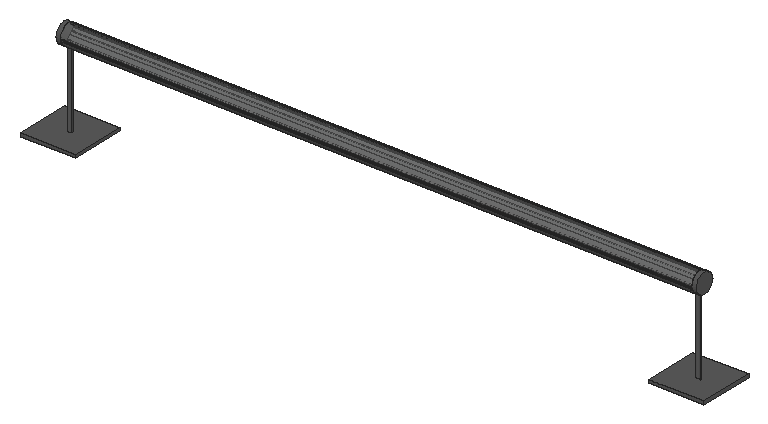
Revit family "Lighting_Linear_LED_StarTek_Micro-Optimo-Direct-Rotational-Mount", category Lighting Fixtures, host Face, Revit 2019
Family settings
  Host = Face
  Round Connector Dimension = Use Diameter
  Part Type = Normal
  OmniClass Number = 23.80.70.11
  OmniClass Title = Luminaries for Internal Lighting
  Cut with Voids When Loaded = No
  Light Source = No
  Shared = No
  Room Calculation Point = No
Parameters (values of type "Not a Type - Load Type Catalog!")
  z_Wall Mount = Montage : Rotational Wall Mount (RWM)
  z_Stem_width [instance] = Length - 0.24"  # 47.76"
  z_Rotation Angle Control [instance] = if(Mounting Option = z_Wall Mount, Rotation Angle - 90.00°, Rotation Angle)  # -45.00°
  z_Geometry Position [instance] = z_Stem_length_parameter + 0.75"  # 6.75"
  z_Array No 01 [instance] = 3
  z_Stem_length_parameter [instance] = if(Stem Length < 6", 6", if(Stem Length > 96", 96", Stem Length))  # 6"
  Width = 1.5"  # constant formula
  Weight = 0.00 lbf
  Wattage Comments = ""
  Voltage Range = ""
  Voltage = 120 V
  URL = "https://starteklightingamerica.com/micro-optimo/"
  Type Comments = "Linear Lighting Fixture"  # constant formula
  z_Right Cap [instance] = yes
  Stem Length Variants [instance] = "6'', 8'', 9'', 12'', 15'', 18'', 21'', 24'', 27'', 30'', 36'', 42'', 48'', 54'', 60'', 66'', 72'', 78'', 84'', 90'', 96''"  # constant formula
  Stem Length [instance] = 6"
  Rotation Angle [instance] = 45.00°
  Product data url = "https://www.bimobject.com/startek-lighting/product/micro-optimo"
  Product Material [instance] = StarTek Lighting - Aluminum - Powder Coat Black
  Product Guid = "2d1d840d-481b-43d5-8dc0-894fcfffd1a4"
  Power Factor = 1
  Photometric Web File Note = "Please remember to reload the shared light file with the type catalog for all available light options and link the proper .ies file to the shared file."  # constant formula
  Photometric Option = Light-Source_StarTek_Micro-Optimo-Direct-Rotational-Mount : Not a Type - Load Type Catalog!
  Photometric Note = "Import IES files https://starteklightingamerica.com/"  # constant formula
  Phase = 1
  Number of Poles = 1
  Mounting Option [instance] = Montage : Rotational Wall Mount (RWM)
  Mount Finish Note [instance] = "Stems can be ordered in white and black"  # constant formula
  Mount Finish [instance] = StarTek Lighting - Aluminum - Powder Coat Black
  Model = ""
  Manufacturer = "StarTek Lighting"  # constant formula
  Length = 48"
  z_Left Cap [instance] = yes
  Lamp length 8' = Length = 96"  # no
  Lamp length 4' = Length = 48"  # yes
  Lamp = "LED"  # constant formula
  Keynote = "16500"
  Input Wattage = 0 W
  Height = 1.5"  # constant formula
  Frequency = 0 Hz
  Edition number = 1
  Distribution = "SD"
  Description = "Micro Optimo Direct"  # constant formula
  Electrical Disconnect = yes
  Default Elevation = 48"
  CRI = "80"
  Color [instance] = "Available Options: Powder Coat White (PW), Powder Coat Black (PB), Powder Coat Silver (PS), Powder Coat Bronze (PBR), Brushed Champagne (BCH), Powder Coat Other (PO), Powder Coat Other (PBR),Premium Stock Finish (PSF)"  # constant formula
  Assembly Code = "D5020200"
  Apparent Load = Input Wattage / (Power Factor * Number of Poles)  # 0 VA
Reference planes (in)
  plane 1 "Center (Front/Back)": y = 0
  plane 2: z = 0
  plane 3 "Center (Left/Right)": x = 0
  plane 4: z = 6.75
  plane 5: x = 23.88
  plane 6: x = -23.88
Forms (in)
  Extrusion 1, solid, material "StarTek Lighting - Aluminum - Powder Coat Black" <- "Mount Finish"
    sketch origin (0, 0, 0) x (1, 0, 0) y (0, 1, 0)
      loop
        line (-25.98, -2.1) -> (-21.78, -2.1) -> (-21.78, 2.1) -> (-25.98, 2.1) -> (-25.98, -2.1)
    from 0 to 0.22
  Extrusion 2, solid, material "StarTek Lighting - Aluminum - Powder Coat Black" <- "Mount Finish"
    sketch origin (0, 0, 0) x (-1, 0, 0) y (0, -1, 0)
      loop
        line (-25.98, 2.1) -> (-25.98, -2.1) -> (-21.78, -2.1) -> (-21.78, 2.1) -> (-25.98, 2.1)
    from 0 to 0.22
Lines and regions (in)
  Masking region 1
    outline origin (0, 0, 0) x (1, 0, 0) y (0, 1, 0)
      loop
        line (-24.04406, 0.75) -> (-24.04406, -0.75) -> (24, -0.75) -> (24, 0.75) -> (-24.04406, 0.75)
  Masking region 2, visible <- "z_Left Cap"
    outline origin (0, 0, 0) x (1, 0, 0) y (0, 1, 0)
      loop
        line (-24.36906, 0.75) -> (-24.36906, -0.75) -> (-24.04406, -0.75) -> (-24.04406, 0.75) -> (-24.36906, 0.75)
  Masking region 3, visible <- "z_Right Cap"
    outline origin (0.12, 0, 0) x (1, 0, 0) y (0, 1, 0)
      loop
        line (24.205, 0.75) -> (23.88, 0.75) -> (23.88, -0.75) -> (24.205, -0.75) -> (24.205, 0.75)
  Masking region 4
    outline origin (0, 0, 0) x (1, 0, 0) y (0, 0, 1)
      loop
        line (-24, 7.5) -> (-24, 6) -> (24, 6) -> (24, 7.5) -> (-24, 7.5)
  Masking region 5, visible <- "z_Left Cap"
    outline origin (0, 0, 0) x (1, 0, 0) y (0, 0, 1)
      loop
        line (-24, 7.5) -> (-24.325, 7.5) -> (-24.325, 6) -> (-24, 6) -> (-24, 7.5)
  Masking region 6, visible <- "z_Right Cap"
    outline origin (0, 0, 0) x (1, 0, 0) y (0, 0, 1)
      loop
        line (24.325, 7.50188) -> (24, 7.50188) -> (24, 6) -> (24.325, 6) -> (24.325, 7.50188)
  Masking region 7
    outline origin (0, 0, 0) x (1, 0, 0) y (0, 0, 1)
      loop
        line (23.71984, 6) -> (23.71984, 0.22) -> (24.04016, 0.22) -> (24.04016, 6) -> (23.71984, 6)
  Masking region 8
    outline origin (0, 0, 0) x (1, 0, 0) y (0, 0, 1)
      loop
        line (-24.04016, 0.22) -> (-23.71984, 0.22) -> (-23.71984, 6) -> (-24.04016, 6) -> (-24.04016, 0.22)
  Masking region 9
    outline origin (0, 0, 0) x (1, 0, 0) y (0, 1, 0)
      loop
        line (-24.36906, -0.75) -> (-24.36906, 0.75) -> (-21.78, 0.75) -> (-21.78, 2.1) -> (-25.98, 2.1) -> (-25.98, -2.1) -> (-21.78, -2.1) -> (-21.78, -0.75) -> (-24.36906, -0.75)
  Masking region 10
    outline origin (0, 0, 0) x (1, 0, 0) y (0, 1, 0)
      loop
        line (24.325, -0.75) -> (21.78, -0.75) -> (21.78, -2.1) -> (25.98, -2.1) -> (25.98, 2.1) -> (21.78, 2.1) -> (21.78, 0.75) -> (24.325, 0.75) -> (24.325, -0.75)
  Masking region 11
    outline origin (0, 0, 0) x (1, 0, 0) y (0, 0, 1)
      loop
        line (-25.98, 0) -> (-21.78, 0) -> (-21.78, 0.22) -> (-25.98, 0.22) -> (-25.98, 0)
  Masking region 12
    outline origin (0, 0, 0) x (1, 0, 0) y (0, 0, 1)
      loop
        line (21.78, 0) -> (25.98, 0) -> (25.98, 0.22) -> (21.78, 0.22) -> (21.78, 0)
  reference lines
    curve 1: line (0, 0, 6.75) -> (0, -0.70711, 7.45711)
Dimensions and locks (in)
  "z_Geometry Position": plane 4 to plane 2
  equal spacing: group 1, group 2, group 3  (x3)
  plane 5 to Masking region 3 sketch curve = 0.445"
  equal spacing: plane 5, plane 3 "Center (Left/Right)", plane 6
  "z_Stem_width": plane 5 to plane 6
  Extrusion 1 sketch curve to plane 1 "Center (Front/Back)" to Extrusion 1 sketch curve = 2.1" locked, 2.1" locked
  Extrusion 1 sketch curve to plane 6 to Extrusion 1 sketch curve = 2.1" locked, 2.1" locked
  Extrusion 2 sketch curve to plane 5 to Extrusion 2 sketch curve = 2.1" locked, 2.1" locked
  Extrusion 2 sketch curve to plane 1 "Center (Front/Back)" to Extrusion 2 sketch curve = 2.1" locked, 2.1" locked
  "z_Rotation Angle Control": angle plane 1 "Center (Front/Back)" to curve 1
  aligned and locked: plane 2 to host face
  aligned and locked: level to host face
  aligned and locked: plane 1 "Center (Front/Back)" to nested 1
  aligned and locked: plane 1 "Center (Front/Back)" to nested 3
  aligned and locked: plane 6 to nested 3
  aligned and locked: plane 4 to curve 1
  aligned and locked: plane 1 "Center (Front/Back)" to curve 1
  aligned and locked: plane 6 to nested 4
  aligned and locked: plane 5 to nested 5
Automatic sketch dimensions
  host sketch curve to host sketch curve = 96"  (x2)
  plane 1 "Center (Front/Back)" to Masking region 2 sketch curve = 0.75"
  Masking region 2 sketch curve to plane 1 "Center (Front/Back)" = 0.75"
  plane 1 "Center (Front/Back)" to Masking region 3 sketch curve = 0.75"
  Masking region 3 sketch curve to plane 1 "Center (Front/Back)" = 0.75"
  plane 5 to Masking region 6 sketch curve = 0.12"
  Masking region 6 sketch curve to Masking region 6 sketch curve = 0.325"
  Masking region 6 sketch curve to plane 4 = 0.75"
  plane 4 to Masking region 6 sketch curve = 0.75188"
  plane 5 to Masking region 4 sketch curve = 0.12"
  Masking region 4 sketch curve to plane 4 = 0.75"
  plane 4 to Masking region 4 sketch curve = 0.75"
  Masking region 5 sketch curve to plane 4 = 0.75"
  plane 4 to Masking region 5 sketch curve = 0.75"
  Masking region 7 sketch curve to plane 5 = 0.16016"
  plane 5 to Masking region 7 sketch curve = 0.16016"
  level to Masking region 7 sketch curve = 0.22"
  Masking region 7 sketch curve to plane 4 = 0.75"
  level to Masking region 8 sketch curve = 0.22"
  Masking region 8 sketch curve to plane 4 = 0.75"
  Masking region 2 sketch curve to plane 6 = 0.48906"
  Masking region 2 sketch curve to plane 6 = 0.16406"
  Masking region 4 sketch curve to plane 6 = 0.12"
  Masking region 5 sketch curve to plane 6 = 0.445"
  Masking region 5 sketch curve to plane 6 = 0.12"
  Masking region 8 sketch curve to plane 6 = 0.16016"
  plane 6 to Masking region 8 sketch curve = 0.16016"
  plane 5 to Masking region 3 sketch curve = 0.12"
  Masking region 1 sketch curve to plane 6 = 0.16406"
  plane 1 "Center (Front/Back)" to Masking region 1 sketch curve = 0.75"
  Masking region 1 sketch curve to plane 1 "Center (Front/Back)" = 0.75"
  plane 5 to Masking region 1 sketch curve = 0.12"
  Masking region 9 sketch curve to plane 6 = 2.1"
  plane 6 to Masking region 9 sketch curve = 2.1"  (x2)
  plane 1 "Center (Front/Back)" to Masking region 9 sketch curve = 2.1"
  plane 1 "Center (Front/Back)" to Masking region 9 sketch curve = 0.75"
  Masking region 9 sketch curve to plane 1 "Center (Front/Back)" = 0.75"
  Masking region 9 sketch curve to Masking region 9 sketch curve = 1.35"
  Masking region 9 sketch curve to plane 6 = 0.48906"
  Masking region 10 sketch curve to plane 5 = 2.1"  (x2)
  plane 5 to Masking region 10 sketch curve = 0.445"
  plane 5 to Masking region 10 sketch curve = 2.1"
  plane 1 "Center (Front/Back)" to Masking region 10 sketch curve = 2.1"
  Masking region 10 sketch curve to plane 1 "Center (Front/Back)" = 0.75"
  Masking region 10 sketch curve to Masking region 10 sketch curve = 1.35"
  plane 1 "Center (Front/Back)" to Masking region 10 sketch curve = 0.75"
  Masking region 11 sketch curve to level = 0"
  level to Masking region 11 sketch curve = 0.22"
  Masking region 11 sketch curve to plane 6 = 2.1"
  plane 6 to Masking region 11 sketch curve = 2.1"
  Masking region 12 sketch curve to level = 0"
  level to Masking region 12 sketch curve = 0.22"
  Masking region 12 sketch curve to plane 5 = 2.1"
  plane 5 to Masking region 12 sketch curve = 2.1"
Nested families (in)
  nested 1: "Connection" at (-34.88, 0, 0), type "Connection"
  nested 2: "Connection" at (-29.38, 0, 0), type "Connection"
  nested 3: "Connection" at (-23.88, 0, 0), type "Connection"
  nested 4: "Montage" at (-23.88, 0, 0), type <- "Mounting Option", type "Rotational Wall Mount (RWM)"
  nested 5: "Montage" at (23.88, 0, 0), type <- "Mounting Option", type "Rotational Wall Mount (RWM)"
  nested 6: "Light-Source_StarTek_Micro-Optimo-Direct-Rotational-Mount" at (0, 0, 6.75) x (1, 0, 0) z (0, 0.7071, -0.7071), Housing Material <- "Product Material", Left Cap <- "z_Left Cap", Right Cap <- "z_Right Cap", z_F Length <- "Length", type <- "Photometric Option", type "Not a Type - Load Type Catalog!"
    with z_F Length 48", Right Cap yes, Mounting Height 96", Left Cap yes, Housing Material StarTek Lighting - Aluminum - Powder Coat Black
Connectors (in)
  electrical at (-23.88, 0, 0), driven by "Number of Poles", driven by "Voltage", driven by "Apparent Load", driven by "Apparent Load", driven by "Apparent Load", driven by "Power Factor", driven by "Apparent Load"
    settings: on nested 3, index 2, voltage 120 V, apparent load 0 VA, apparent load phase1 0 VA, apparent load phase2 0 VA, apparent load phase3 0 VA, power factor 1, load classification "Other", number of poles 1, system type 30, power factor state 1, is connector primary yes, connector utility no, sub classification motor no, connector description "Connector for Electrical Power"
Definition of nested family "Montage"
  Parameters (values of type "Rotational Stem Mount with Canopy (RSMC)")
    Height = 6"
    Default Elevation = 48"
    Stem material = none
    Canopy = yes
  Types (2): name
    Rotational Stem Mount with Canopy (RSMC)
    Rotational Wall Mount (RWM)
  Reference planes (in)
    plane 1 "Center (Front/Back)": y = 0
    plane 2: z = 0
    plane 3 "Center (Left/Right)": x = 0
  Forms (in)
    Extrusion 1, solid, material <- "Stem material"
      sketch origin (0, 0, 0) x (1, 0, 0) y (0, 1, 0)
        loop
          circle (0, 0) r 0.16016
      from 0 to 6 <- "Height"
    Extrusion 2, solid, visible <- "Canopy", not visible
      sketch origin (0, 0, 36) x (-1, 0, 0) y (0, -1, 0)
        loop
          circle (0, 0) r 2.5
      from 0 to -0.19141
  Dimensions and locks (in)
    aligned and locked: plane 2 to level
Definition of nested family "Light-Source_StarTek_Micro-Optimo-Direct-Rotational-Mount"
  Parameters (values of type "Not a Type - Load Type Catalog!")
    z_F Length [instance] = 48"
    Width = 4.62"
    Wattage = 9.2903 W
    built-in parameter 1150110 = 1 (stored number, unit not read)
    built-in parameter 1114217 = 1 (stored number, unit not read)
    Tilt Angle = 90.00°
    built-in parameter 1150109 = 1 (stored number, unit not read)
    built-in parameter 1150134 = (empty or 0)
    built-in parameter 1150113 = 1 (stored number, unit not read)
    Right Cap [instance] = yes
    Photometric Web File = "Generic Light Source Shown : Please download and link the IES file that best matches your fixture specification"
    built-in parameter 1150142 = (empty or 0)
    Mounting Height [instance] = 96"
    Manufacturer = ""
    built-in parameter 1150105 = 109.82 (stored number, unit not read)
    Lumens = 1380 lm
    built-in parameter 1150115 = 1 (stored number, unit not read)
    built-in parameter 1150137 = (empty or 0)
    built-in parameter 1150139 = (empty or 0)
    Length = 48"
    Left Cap [instance] = yes
    built-in parameter 1150112 = 1 (stored number, unit not read)
    built-in parameter 1150114 = 1 (stored number, unit not read)
    built-in parameter 1150132 = 2
    built-in parameter 1150102 = (empty or 0)
    built-in parameter 1150107 = 3201 (stored number, unit not read)
    built-in parameter 1150138 = (empty or 0)
    built-in parameter 1150106 = 1.0982 (stored number, unit not read)
    Housing Material [instance] = none
    Emit from Rectangle Width = 3.08"  # constant formula
    Emit from Rectangle Length = Length - 2 * 0.15"  # 47.7"
    Emit Shape Visible in Rendering = no
    built-in parameter 1150104 = 13.8 (stored number, unit not read)
    Dimming Lamp Color Temperature Shift = (empty or 0)
    Default Elevation = 48"
    Color Filter = 16777215
    built-in parameter 1114218 = 1 (stored number, unit not read)
    built-in parameter 1150133 = 10 (stored number, unit not read)
  Reference planes (in)
    plane 1 "Light Source Axis (F/B)": y = 0
    plane 2: z = 0
    plane 3 "Light Source Axis (L/R)": x = 0
    plane 4 "Light Source Elevation": z = 0
    plane 5: x = -24.325
    plane 6: x = 24.325
    plane 7: y = -2.31
    plane 8: x = -24
    plane 9: x = 24
  Forms (in)
    Extrusion 1, solid, material <- "Housing Material", detail levels medium
      sketch origin (0, 0, -94.40625) x (0, 1, 0) y (0, 0, 1)
        loop
          circle (0, 94.40625) r 0.75
      from -24 to 24
    Extrusion 2, solid, material <- "Housing Material", detail levels coarse
      sketch origin (0, 0, -94.40625) x (0, 1, 0) y (0, 0, 1)
        loop
          circle (0, 94.40625) r 0.75
      from -24 to 24
    Extrusion 3, solid, material <- "Housing Material", visible <- "Left Cap"
      sketch origin (0, 0, -94.40625) x (0, 1, 0) y (0, 0, 1)
        loop
          circle (0, 94.40625) r 0.75
      from -24.325 to -24
    Extrusion 4, solid, material <- "Housing Material", visible <- "Right Cap"
      sketch origin (0, 0, -94.40625) x (0, 1, 0) y (0, 0, -1)
        loop
          circle (0, -94.40625) r 0.75
      from -24.325 to -24
    Extrusion 5, solid, material <- "Housing Material", detail levels fine
      sketch origin (0, 0, -0.40625) x (0, 1, 0) y (0, 0, 1)
        loop
          arc (0.6826, 0.09501) -> (0, 1.15625) -> (-0.68179, 0.0945) r 0.74996
          arc (-0.68179, 0.0945) -> (-0.65168, 0.0718) -> (-0.61621, 0.0846) r 0.03961
          arc (-0.61621, 0.0846) -> (-0.58898, 0.14333) -> (-0.59892, 0.2073) r 0.11165
          line (-0.59892, 0.2073) -> (-0.65609, 0.2073)
          arc (-0.65609, 0.2073) -> (-0.68468, 0.29137) -> (-0.68037, 0.38007) r 0.23742
          line (-0.68037, 0.38007) -> (-0.52634, 0.38007) -> (-0.52634, 0.4803) -> (-0.00164, 0.4803) -> (0.52307, 0.4803) -> (0.52307, 0.38007) -> (0.6771, 0.38007)
          arc (0.6771, 0.38007) -> (0.6814, 0.29137) -> (0.65282, 0.2073) r 0.23742
          line (0.65282, 0.2073) -> (0.59564, 0.2073)
          arc (0.59564, 0.2073) -> (0.58573, 0.14321) -> (0.6131, 0.08442) r 0.11165
          arc (0.6131, 0.08442) -> (0.65071, 0.07092) -> (0.6826, 0.09501) r 0.042
        loop
          arc (0.66513, 0.54606) -> (0.00373, 1.07558) -> (-0.65766, 0.54606) r 0.67782
          line (-0.65766, 0.54606) -> (-0.49501, 0.54606) -> (-0.49501, 0.60824) -> (-0.44285, 0.60824)
          arc (-0.44285, 0.60824) -> (-0.3349, 0.60083) -> (-0.42602, 0.65918) r 0.05584
          line (-0.42602, 0.65918) -> (-0.42602, 0.72118) -> (-0.36278, 0.72118)
          arc (-0.36278, 0.72118) -> (-0.28706, 0.68981) -> (-0.2557, 0.61409) r 0.10709
          line (-0.2557, 0.61409) -> (-0.2557, 0.54606) -> (0.25242, 0.54606) -> (0.25242, 0.61409)
          arc (0.25242, 0.61409) -> (0.28379, 0.68981) -> (0.35951, 0.72118) r 0.10709
          line (0.35951, 0.72118) -> (0.42275, 0.72118) -> (0.42275, 0.65918)
          arc (0.42275, 0.65918) -> (0.33163, 0.60083) -> (0.43958, 0.60824) r 0.05584
          line (0.43958, 0.60824) -> (0.49173, 0.60824) -> (0.49173, 0.54606) -> (0.66513, 0.54606)
      from -24 to 24
    Extrusion 6, solid, detail levels fine
      sketch origin (0, 0, -0.40625) x (0, 1, 0) y (0, 0, 1)
        loop
          arc (0.59902, -0.05805) -> (0.62463, 0.00942) -> (0.60518, 0.07891) r 0.11544
          arc (0.60518, 0.07891) -> (0.58643, 0.14738) -> (0.61274, 0.21331) r 0.11165
          arc (0.61274, 0.21331) -> (0.63389, 0.26381) -> (0.62211, 0.31728) r 0.09067
          line (0.62211, 0.31728) -> (0.59672, 0.36127) -> (0.54367, 0.33064) -> (0.55966, 0.30294)
          arc (0.55966, 0.30294) -> (0.56385, 0.28265) -> (0.55508, 0.26388) r 0.03291
          arc (0.55508, 0.26388) -> (0.51161, 0.16572) -> (0.53962, 0.06208) r 0.16078
          arc (0.53962, 0.06208) -> (0.54939, 0.03048) -> (0.53933, -0.00104) r 0.05517
          arc (0.53933, -0.00104) -> (0, -0.2809) -> (-0.53933, -0.00104) r 0.65961
          arc (-0.53933, -0.00104) -> (-0.54939, 0.03048) -> (-0.53962, 0.06208) r 0.05517
          arc (-0.53962, 0.06208) -> (-0.51161, 0.16572) -> (-0.55508, 0.26388) r 0.16078
          arc (-0.55508, 0.26388) -> (-0.56385, 0.28265) -> (-0.55966, 0.30294) r 0.03291
          line (-0.55966, 0.30294) -> (-0.54367, 0.33064) -> (-0.59672, 0.36127) -> (-0.62211, 0.31728)
          arc (-0.62211, 0.31728) -> (-0.63389, 0.26381) -> (-0.61274, 0.21331) r 0.09067
          arc (-0.61274, 0.21331) -> (-0.58643, 0.14738) -> (-0.60518, 0.07891) r 0.11165
          arc (-0.60518, 0.07891) -> (-0.62463, 0.00942) -> (-0.59902, -0.05805) r 0.11544
          arc (-0.59902, -0.05805) -> (0, -0.34375) -> (0.59902, -0.05805) r 0.77082
      from -24 to 24
  Dimensions and locks (in)
    equal spacing: plane 5, plane 3 "Light Source Axis (L/R)", plane 6
    plane 7 to plane 1 "Light Source Axis (F/B)" = 2.31"
    locked: plane 5 to plane 8 at 0.325
    locked: plane 9 to plane 6 at 0.325
    "z_F Length": plane 8 to plane 9
    diameter of Extrusion 3 sketch curve = 1.5"
    aligned and locked: level to plane 2
    aligned and locked: Extrusion 3 to plane 5
    aligned and locked: Extrusion 3 to plane 8
    aligned and locked: plane 9 to Extrusion 4
    aligned and locked: plane 6 to Extrusion 4
    aligned and locked: plane 8 to Extrusion 5
    aligned and locked: Extrusion 5 to plane 9
    aligned and locked: plane 8 to Extrusion 6
    aligned and locked: Extrusion 6 to plane 9
    aligned and locked: plane 8 to Extrusion 1
    aligned and locked: Extrusion 1 to plane 9
    aligned and locked: plane 8 to Extrusion 2
    aligned and locked: Extrusion 2 to plane 9
  Automatic sketch dimensions
    Extrusion 2 sketch curve to plane 1 "Light Source Axis (F/B)" = 0"
    level to Extrusion 2 sketch curve = 0"
    Extrusion 3 sketch curve to plane 1 "Light Source Axis (F/B)" = 0"
    level to Extrusion 3 sketch curve = 0"
    Extrusion 4 sketch curve to plane 1 "Light Source Axis (F/B)" = 0"
    level to Extrusion 4 sketch curve = 0"
    Extrusion 6 sketch curve to level = 0.26515"  (x2)
    plane 1 "Light Source Axis (F/B)" to Extrusion 6 sketch curve = 0.6979"
    Extrusion 6 sketch curve to Extrusion 6 sketch curve = 0.02598"  (x2)
    Extrusion 6 sketch curve to Extrusion 6 sketch curve = 0.04981"  (x2)
    Extrusion 6 sketch curve to level = 0.04498"  (x2)
    Extrusion 6 sketch curve to Extrusion 6 sketch curve = 0.0254"
    Extrusion 6 sketch curve to Extrusion 6 sketch curve = 0.06245"
    Extrusion 6 sketch curve to level = 0.07561"  (x2)
    Extrusion 6 sketch curve to Extrusion 6 sketch curve = 0.01599"  (x2)
    Extrusion 6 sketch curve to Extrusion 6 sketch curve = 0.01607"
    Extrusion 6 sketch curve to Extrusion 6 sketch curve = 0.01243"  (x2)
    Extrusion 6 sketch curve to level = 0.39165"  (x2)
    Extrusion 6 sketch curve to Extrusion 6 sketch curve = 0.16261"
    Extrusion 6 sketch curve to Extrusion 6 sketch curve = 0.01509"  (x2)
    Extrusion 6 sketch curve to Extrusion 6 sketch curve = 0.53116"
    Extrusion 6 sketch curve to Extrusion 6 sketch curve = 0"  (x11)
    Extrusion 6 sketch curve to level = 0.37552"  (x2)
    Extrusion 6 sketch curve to Extrusion 6 sketch curve = 0.49422"
    Extrusion 6 sketch curve to Extrusion 6 sketch curve = 0.03694"
    Extrusion 6 sketch curve to Extrusion 6 sketch curve = 0.01251"
    Extrusion 6 sketch curve to level = 0.10331"
    Extrusion 6 sketch curve to level = 0.08897"
    Extrusion 6 sketch curve to Extrusion 6 sketch curve = 0.01233"  (x2)
    Extrusion 6 sketch curve to Extrusion 6 sketch curve = 0.031"  (x2)
    Extrusion 6 sketch curve to Extrusion 6 sketch curve = 0.01454"  (x2)
    Extrusion 6 sketch curve to level = 0.02754"
    Extrusion 6 sketch curve to Extrusion 6 sketch curve = 0.04836"
    plane 1 "Light Source Axis (F/B)" to Extrusion 5 sketch curve = 0.69954"
    plane 1 "Light Source Axis (F/B)" to Extrusion 5 sketch curve = 0.68037"
    plane 1 "Light Source Axis (F/B)" to Extrusion 5 sketch curve = 0.65766"
    Extrusion 5 sketch curve to Extrusion 5 sketch curve = 0.04345"  (x2)
    Extrusion 5 sketch curve to Extrusion 5 sketch curve = 0.05376"
    Extrusion 5 sketch curve to Extrusion 5 sketch curve = 0.05717"  (x2)
    plane 1 "Light Source Axis (F/B)" to Extrusion 5 sketch curve = 0.52634"
    level to Extrusion 5 sketch curve = 0.20199"  (x2)
    plane 1 "Light Source Axis (F/B)" to Extrusion 5 sketch curve = 0.49501"
    plane 1 "Light Source Axis (F/B)" to Extrusion 5 sketch curve = 0.44957"
    Extrusion 5 sketch curve to Extrusion 5 sketch curve = 0.05216"  (x2)
    Extrusion 5 sketch curve to Extrusion 5 sketch curve = 0.01683"  (x2)
    level to Extrusion 5 sketch curve = 0.2121"  (x2)
    Extrusion 5 sketch curve to Extrusion 5 sketch curve = 0.03809"
    Extrusion 5 sketch curve to Extrusion 5 sketch curve = 0.06324"  (x2)
    Extrusion 5 sketch curve to Extrusion 5 sketch curve = 0.10709"  (x2)
    level to Extrusion 5 sketch curve = 0.07405"
    Extrusion 5 sketch curve to Extrusion 5 sketch curve = 0.25406"  (x2)
    Extrusion 5 sketch curve to Extrusion 5 sketch curve = 0.00192"
    Extrusion 5 sketch curve to Extrusion 5 sketch curve = 0.00345"
    level to Extrusion 5 sketch curve = 0.13981"  (x2)
    level to Extrusion 5 sketch curve = 0.20784"  (x2)
    Extrusion 5 sketch curve to Extrusion 5 sketch curve = 0.02514"
    Extrusion 5 sketch curve to Extrusion 5 sketch curve = 0.00672"
    Extrusion 5 sketch curve to Extrusion 5 sketch curve = 0.07677"
    Extrusion 5 sketch curve to Extrusion 5 sketch curve = 0.07257"
    Extrusion 5 sketch curve to Extrusion 5 sketch curve = 0.04874"
    Extrusion 5 sketch curve to Extrusion 5 sketch curve = 0.14206"
    Extrusion 5 sketch curve to Extrusion 5 sketch curve = 0.15403"
    Extrusion 5 sketch curve to Extrusion 5 sketch curve = 0.07401"
    Extrusion 5 sketch curve to Extrusion 5 sketch curve = 0.00852"
    Extrusion 5 sketch curve to Extrusion 5 sketch curve = 0.10023"
    Extrusion 5 sketch curve to Extrusion 5 sketch curve = 0.16599"
    Extrusion 5 sketch curve to Extrusion 5 sketch curve = 0.05566"  (x2)
    Extrusion 5 sketch curve to Extrusion 5 sketch curve = 0.04838"  (x2)
    Extrusion 5 sketch curve to Extrusion 5 sketch curve = 0.04647"
    Extrusion 5 sketch curve to Extrusion 5 sketch curve = 0.04795"
    Extrusion 5 sketch curve to Extrusion 5 sketch curve = 0.03602"
    Extrusion 5 sketch curve to Extrusion 5 sketch curve = 0"  (x2)
    radius of Extrusion 2 sketch curve = 0.75"
    radius of Extrusion 4 sketch curve = 0.75"
Definition of nested family "Connection"
  Parameters (values of type "Connection")
    Default Elevation = 48"
  Reference planes (in)
    plane 1 "Center (Front/Back)": y = 0
    plane 2: z = 0
    plane 3 "Center (Left/Right)": x = 0
  Forms (in)
    Extrusion 1, solid
      sketch origin (0, 0, 0) x (1, 0, 0) y (0, 1, 0)
        loop
          line (-48, 48) -> (-48, -48) -> (48, -48) -> (48, 48) -> (-48, 48)
      from 0 to -12
    Extrusion 2, solid, not visible
      sketch origin (0, 0, 0) x (1, 0, 0) y (0, 1, 0)
        loop
          circle (0, 0) r 0.7874
      from 0 to -0.45531
  Dimensions and locks (in)
    aligned and locked: plane 2 to Extrusion 1
    aligned and locked: level to Extrusion 1
